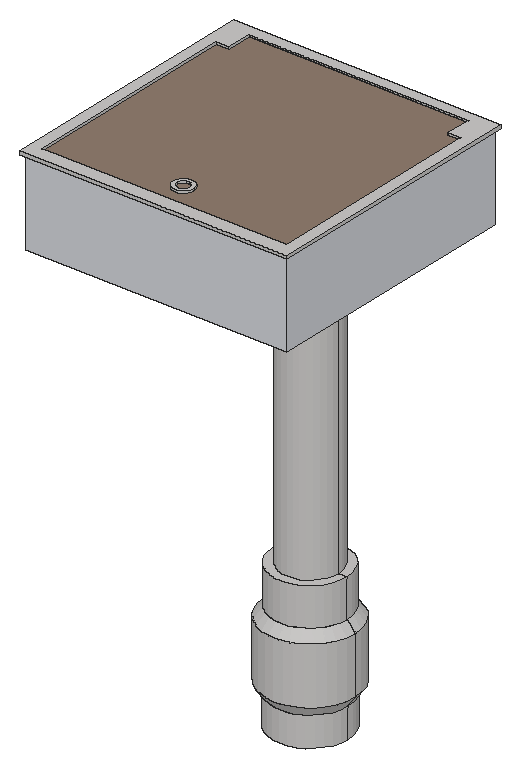
Revit family
Parameters (values of type "5813-02")
  Width = 10 1/2"
  Weight (lb) = 52.83
  Waste Connection = no
  Warranty = "1 year material and workmanship"  # constant formula
  Vent Connection = no
  URL = "http://www.jrsmith.com"
  Technical and Installation = "http://www.jrsmith.com/products/hyd/techdata/hydrants_technical_data.htm"
  SmartBIM Object Version = 3  # constant formula
  SmartBIM Object Created By = "Reed Construction Data"  # constant formula
  Product URL = "http://www.jrsmith.com/products/hyd/submittal/d5813.pdf"
  Pipe Size = 1 1/2"
  OmniClass Title = "Facility Water Distribution and Piping"  # constant formula
  OmniClass Code = "22-22 11 13"  # constant formula
  Model = "5813"  # constant formula
  Material Finish = Bronze
  Material = Stainless Steel
  Manufacturer's URL = "http://JRSmith.com"
  Manufacturer = "Jay R. Smith Mfg. Co. "  # constant formula
  Maintenance = ""
  HW Connection = no
  Flow Rate = ""
  Depth of Bury = 20"
  Depth = 10 1/2"
  CW Connection = no
  Assembly Code = "D2020300"
  Action = ""
  95 CSI = "15100"  # constant formula
  04 CSI = "22 11 13"  # constant formula
Types (7): name | Weight (lb)
  5813-02 | 52.83
  5813-03 | 25.65
  5813-04 | 37.47
  5813-05 | 41.11
  5813-06 | 44.83
  5813-07 | 48.4
  5813-08 | 52.83
Reference planes (in)
  plane 1 "Center (Front/Back)": y = 0
  plane 2: z = 0
  plane 3 "Center (Left/Right)": x = 0
  plane 4: z = 0.125
  plane 5: z = 0
  plane 6: x = -5.25
  plane 7: x = 5.25
  plane 8: y = 5.25
  plane 9: y = -5.25
  plane 10: z = 0.0625
  plane 11: z = -3.375
  plane 12: z = -3.25
  plane 13: x = -5.25
  plane 14: x = 5.125
  plane 15: y = 5.125
  plane 16: y = -5.125
  plane 17: x = 5.125
  plane 18: x = -5.125
  plane 19: x = -5
  plane 20: x = 5
  plane 21: y = 5
  plane 22: y = -5
  plane 23: y = 1.79386
  plane 24: y = -1.77823
  plane 25: x = 1.95992
  plane 26: x = 0.125
  plane 27: x = 3.79485
  plane 28: z = -19.875
Forms (in)
  Extrusion 1, solid, material "Stainless Steel" <- "Material"
    sketch origin (-66.61573, 53.25, 0.12439) x (-1, 0, 0) y (0, -1, 0)
      loop
        line (-71.86573, 48) -> (-61.36573, 48) -> (-61.36573, 58.5) -> (-71.86573, 58.5) -> (-71.86573, 48)
      loop
        line (-71.43604, 57.975) -> (-71.43604, 49.40625) -> (-70.93448, 49.40625) -> (-70.93448, 48.40625) -> (-62.29698, 48.40625) -> (-62.29698, 49.40625) -> (-61.79698, 49.40625) -> (-61.79698, 57.975) -> (-71.43604, 57.975)
    from -0.12439 to 0.00061
  Extrusion 2, solid, material "Bronze" <- "Material Finish"
    sketch origin (-66.61573, 53.25, 0.12439) x (-1, 0, 0) y (0, -1, 0)
      loop
        line (-62.29698, 48.40625) -> (-62.29698, 49.40625) -> (-61.79698, 49.40625) -> (-61.79698, 57.975) -> (-71.43604, 57.975) -> (-71.43604, 49.40625) -> (-70.93448, 49.40625) -> (-70.93448, 48.40625) -> (-62.29698, 48.40625)
    from -0.12439 to -0.06189
  Extrusion 3, solid, material "Stainless Steel" <- "Material"
    sketch origin (-66.61573, 53.25, 0.12439) x (-1, 0, 0) y (0, -1, 0)
      loop
        circle (-66.61573, 57.0281) r 0.39706
      loop
        circle (-66.61573, 57.0281) r 0.25
    from 0.00061 to -0.06189
  Extrusion 4, solid
    sketch origin (-66.61573, 53.25, 0.12439) x (-1, 0, 0) y (0, -1, 0)
      loop
        line (-71.74073, 48.125) -> (-61.49073, 48.125) -> (-61.49073, 58.375) -> (-71.74073, 58.375) -> (-71.74073, 48.125)
    from -0.12439 to -3.49939
  Extrusion 5, void
    sketch origin (0, 0, 0) x (1, 0, 0) y (0, 0, 1)
      loop
        line (-5, 0) -> (-5, -3.25) -> (5, -3.25) -> (5, 0) -> (-5, 0)
    from -5 to 5
  Revolve 6, solid, material "Stainless Steel" <- "Material"
    sketch origin (15.27801, 0, 0) x (1, 0, 0) y (0, 0, 1)
      loop
        line (-12.42435, -19.875) -> (-11.81808, -19.875) -> (-11.81808, -18.69696) -> (-11.5313, -18.28739) -> (-11.5313, -16.03739) -> (-11.85269, -15.65436) -> (-11.85269, -14.15436) -> (-12.20044, -14.15436) -> (-12.20044, -3.375) -> (-12.45044, -3.375) -> (-12.45044, -15.68391) -> (-12.70044, -15.68391) -> (-12.70044, -15.93391) -> (-12.05998, -15.93391) -> (-11.85269, -16.14121) -> (-11.85269, -18.19711) -> (-12.12796, -18.47238) -> (-12.62796, -18.47238) -> (-12.62796, -18.63821) -> (-13.00001, -18.63821) -> (-13.00001, -18.88821) -> (-12.44215, -18.88821) -> (-12.32713, -19.00322) -> (-12.32713, -19.16364) -> (-12.45275, -19.28926) -> (-12.5654, -19.28926) -> (-12.5654, -19.6307) -> (-12.42435, -19.875)
      axis (-13.31808, -19.875) -> (-13.31808, -3.375)
    angle from 0 to 360
Cuts and joins
  Extrusion 5 cuts Extrusion 1
  Extrusion 5 cuts Extrusion 2
  Extrusion 5 cuts Extrusion 4
Lines and regions (in)
  sketch lines
    curve 1: line (-60, 60, 0) -> (60, 60, 0)
    curve 2: line (-60, 60, 0) -> (-60, -60, 0)
    curve 3: line (-60, -60, 0) -> (60, -60, 0)
    curve 4: line (60, 60, 0) -> (60, -60, 0)
Dimensions and locks (in)
  equal spacing: curve 3, plane 1 "Center (Front/Back)", curve 1
  equal spacing: curve 4, plane 3 "Center (Left/Right)", curve 2
  curve 3 to curve 1 = 120"
  curve 2 to curve 4 = 120"
  locked: plane 4 to plane 5 at 0.125
  equal spacing: plane 6, plane 3 "Center (Left/Right)", plane 7
  "Width": plane 6 to plane 7
  equal spacing: plane 9, plane 1 "Center (Front/Back)", plane 8
  "Depth": plane 8 to plane 9
  locked: plane 4 to plane 10 at 0.0625
  locked: plane 4 to plane 11 at 3.5
  locked: plane 12 to plane 11 at 0.125
  plane 13 to plane 6 = 0"
  locked: plane 14 to plane 7 at 0.125
  locked: plane 8 to plane 15 at 0.125
  locked: plane 9 to plane 16 at 0.125
  locked: plane 9 to Extrusion 3 sketch curve at 1.4719
  locked: plane 17 to plane 7 at 0.125
  locked: plane 19 to plane 18 at 0.125
  locked: plane 20 to plane 17 at 0.125
  locked: plane 15 to plane 21 at 0.125
  locked: plane 16 to plane 22 at 0.125
  locked: plane 13 to plane 18 at 0.125
  equal spacing: plane 27, plane 25, plane 26
  locked: plane 27 to plane 26 at 3.66985
  locked: plane 26 to plane 3 "Center (Left/Right)" at 0.125
  "Depth of Bury": plane 4 to plane 28
  Revolve 6 sketch curve to Revolve 6 sketch curve to Revolve 6 sketch curve to Revolve 6 sketch curve to Revolve 6 sketch curve to Revolve 6 sketch curve to Revolve 6 sketch curve to Revolve 6 sketch curve to Revolve 6 sketch curve to Revolve 6 sketch curve to Revolve 6 sketch curve to Revolve 6 sketch curve to Revolve 6 sketch curve to Revolve 6 sketch curve to Revolve 6 sketch curve to Revolve 6 sketch curve to plane 28 = 1 1/2", 0.02955" locked, 1/4" locked, 0.10347" locked, 0.10382" locked, 2.0559" locked, 0.09028" locked, 0.18499" locked, 0.16584" locked, 0.05875" locked, 0.19125" locked, 0.11501" locked, 0.16042" locked, 0.12562" locked, 0.34143" locked, 0.2443" locked
  aligned and locked: plane 2 to plane 5
  aligned and locked: Extrusion 3 to plane 10
  aligned and locked: plane 4 to Extrusion 3
  aligned and locked: Extrusion 2 to level
  aligned and locked: Extrusion 2 to Extrusion 3
  aligned and locked: plane 15 to Extrusion 4 sketch curve
  aligned and locked: plane 16 to Extrusion 4 sketch curve
  aligned and locked: Extrusion 2 sketch curve to Extrusion 1  (x8)
  aligned and locked: plane 3 "Center (Left/Right)" to Extrusion 3 sketch curve
  aligned and locked: Extrusion 4 to plane 17
  aligned and locked: Extrusion 4 to plane 11
  aligned and locked: Extrusion 4 to plane 18
  aligned and locked: Extrusion 5 sketch curve to plane 19
  aligned and locked: Extrusion 5 sketch curve to plane 5
  aligned and locked: Extrusion 5 sketch curve to plane 12
  aligned and locked: plane 20 to Extrusion 5 sketch curve
  aligned and locked: plane 22 to cut or joined group of Extrusion 4, Extrusion 5
  aligned and locked: plane 21 to cut or joined group of Extrusion 4, Extrusion 5
  aligned and locked: Revolve 6 sketch curve to plane 25
  aligned and locked: plane 11 to Revolve 6 sketch curve
  aligned and locked: plane 4 to cut or joined group of Extrusion 1, Extrusion 5
  aligned and locked: Revolve 6 sketch curve to plane 28
Automatic sketch dimensions
  Extrusion 1 sketch curve to plane 7 = 0"
  Extrusion 1 sketch curve to plane 6 = 0"
  Extrusion 1 sketch curve to plane 8 = 0"
  Extrusion 1 sketch curve to plane 9 = 0"
  plane 20 to Extrusion 1 sketch curve = 23/128"
  Extrusion 1 sketch curve to plane 21 = 5/32"
  plane 20 to Extrusion 1 sketch curve = 0.68125"
  plane 19 to Extrusion 1 sketch curve = 0.68125"
  plane 19 to Extrusion 1 sketch curve = 0.18125"
  Extrusion 1 sketch curve to Extrusion 1 sketch curve = 1"  (x2)
  Extrusion 1 sketch curve to plane 22 = 0.275"
  Extrusion 3 sketch curve to Extrusion 3 sketch curve = 0"  (x2)
  Extrusion 4 sketch curve to plane 14 = 0"
  Extrusion 4 sketch curve to plane 18 = 0"
  plane 25 to Revolve 6 sketch curve = 0.31807"
  plane 25 to Revolve 6 sketch curve = 0.61765"
  plane 25 to Revolve 6 sketch curve = 0.69013"
  plane 25 to Revolve 6 sketch curve = 0.75269"
  Revolve 6 sketch curve to Revolve 6 sketch curve = 0.11264"
  Revolve 6 sketch curve to Revolve 6 sketch curve = 1/4"  (x2)
  Revolve 6 sketch curve to Revolve 6 sketch curve = 0.18581"
  Revolve 6 sketch curve to Revolve 6 sketch curve = 0.14105"
  Revolve 6 sketch curve to Revolve 6 sketch curve = 0.11501"
  Revolve 6 sketch curve to Revolve 6 sketch curve = 0.05747"
  Revolve 6 sketch curve to Revolve 6 sketch curve = 1.41912"
  Revolve 6 sketch curve to Revolve 6 sketch curve = 1/2"
  Revolve 6 sketch curve to Revolve 6 sketch curve = 0.39046"
  Revolve 6 sketch curve to Revolve 6 sketch curve = 0.34775"
  Revolve 6 sketch curve to Revolve 6 sketch curve = 0.20729"
  Revolve 6 sketch curve to Revolve 6 sketch curve = 0.60626"
  Revolve 6 sketch curve to Revolve 6 sketch curve = 0.32139"
  radius of Extrusion 3 sketch curve = 0.39706"
  radius of Extrusion 3 sketch curve = 1/4"
Connectors (in)
  piping at (1.95992, 0, -19.875), driven by "Pipe Size"
    settings: on Revolve 6, index 1
